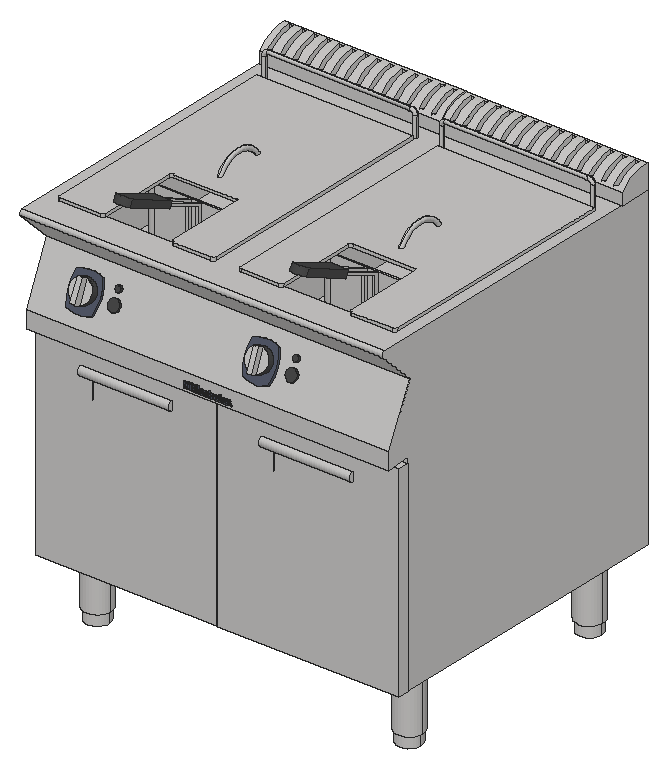
Revit family "QF_ELECTROLUXPROFESSIONAL_371069_E7FRGH2BF0", category Specialty Equipment, Revit 2018
Family settings
  Round Connector Dimension = Use Diameter
  Part Type = Normal
  Work Plane-Based = No
  Always vertical = Yes
  Cut with Voids When Loaded = No
  Shared = No
  Room Calculation Point = No
Parameters
  Width = 800 mm  # constant formula
  Weight in Pounds = 110  # constant formula
  Watts = 0 W
  URL Cutsheet = "www.electrolux.com/foodservice"
  URL = "www.electrolux.com/foodservice"
  Type Mark [instance] = ""
  Status [instance] = ""
  Specification by User [instance] = ""
  Specification by Manufacturer = ""
  Show Logo [instance] = yes
  Show Clearance [instance] = yes
  Serial Number = ""
  Seismic Rating = ""
  SMACNA No = ""
  Revision Code [instance] = ""
  Omniclass Number and Title = ""
  NAFEM Spec ID Number = ""
  Model = "371069"
  Mechanical Remarks [instance] = ""
  Mechanical Connection Type [instance] = ""
  Masterspec = ""
  Manufacturer = "ELECTROLUX"
  Item Number [instance] = ""
  Installed By [instance] = ""
  Identify Quantity as Lot [instance] = yes
  Height = 333 mm  # constant formula
  HP = "0 HP"
  Gas Size = 12.7 mm  # 1/2"
  Gas RI Height [instance] = 0 mm
  Gas KW [instance] = 14  # constant formula
  Gas Input [instance] = 13987.1 VA  # 47726.0 Btu/h
  Gas Connection Height = 0 mm
  Furnished By [instance] = ""
  Foodservice Equipment Identifier [instance] = yes
  Direct Waste Size = 0"
  Description = "700XP Two 7 Lt. Wells Freestanding Gas Fryer - LPG/Natural Gas"
  Depth = 730 mm  # constant formula
  CSI MasterFormat = ""
  CSI Master Format = ""
  Base Height [instance] = 150 mm  # constant formula
Reference planes
  plane 1 "BACK": y = 0
  plane 2: z = 0
  plane 3 "LEFT": x = 0
  plane 4 "RIGHT": x = 800
  plane 5 "FRONT": y = -730
  plane 6 "TOP": z = 905.238
  plane 7 "Center Y": x = 400
  plane 8 "Center X": y = -365
  plane 9 "BASE": z = 601
  plane 10 "TOP A": z = 850.238
  plane 11: y = -597.884
  plane 12: y = -147.637
  plane 13: z = 942.313
  plane 14: z = 150
Forms (mm)
  Extrusion 1, solid, material "QF_Finishes_Stainless Steel"
    sketch origin (0, 0, 0) x (0, 1, 0) y (0, 0, 1)
      loop
        line (0, 850.237) -> (-725.027, 850.237)
        arc (-725.027, 850.237) -> (-730.893, 846.318) -> (-729.517, 839.397) r 6.35
        line (-729.517, 839.397) -> (-657.416, 767.047) -> (-713.522, 646.19) -> (-713.522, 608.09) -> (-660.4, 613.7) -> (-660.4, 150) -> (0, 150) -> (0, 850.237)
      loop
        line (-661.987, 601) -> (-687.387, 601) -> (-687.387, 150) -> (-661.987, 150) -> (-661.987, 601)
    from 0 to 800
  Extrusion 2, solid, material "QF_Finishes_Stainless Steel"
    sketch origin (0, 0, 0) x (0, 1, 0) y (0, 0, 1)
      loop
        line (0, 850.237) -> (0, 905.237)
        arc (0, 905.237) -> (-38.078, 897.879) -> (-69.85, 875.637) r 93.057
        line (-69.85, 875.637) -> (-69.85, 850.237) -> (0, 850.237)
    from 0 to 800
  Extrusion 3, void
    sketch origin (0, 0, 850.238) x (-1, 0, 0) y (0, -1, 0)
      loop
        line (-33.338, 147.762) -> (-33.338, 655.762) -> (-373.012, 655.762) -> (-373.012, 147.762) -> (-33.338, 147.762)
      loop
        line (-766.662, 655.762) -> (-766.662, 147.762) -> (-426.988, 147.762) -> (-426.988, 655.762) -> (-766.662, 655.762)
    from 0 to -152.4
  Extrusion 4, void
    sketch origin (0, 0, 850.238) x (-1, 0, 0) y (0, -1, 0)
      loop
        line (-13.453, 6.761) -> (-13.453, 63.911) -> (-22.749, 63.911) -> (-22.749, 6.761) -> (-13.453, 6.761)
    from 25.4 to 63.5
  Extrusion 5, solid, material "QF_Finishes_Navy Blue"
    sketch origin (-97.5, -713.522, 646.19) x (0, 0.421077, 0.907025) y (-1, 0, 0)
      loop
        arc (101.077, -565.788) -> (66.2, -558.771) -> (31.333, -565.832) r 89.894
        arc (31.333, -565.832) -> (24.638, -594.363) -> (31.333, -622.893) r 64.14
        arc (31.333, -622.893) -> (66.2, -629.955) -> (101.077, -622.938) r 89.894
        arc (101.077, -622.938) -> (107.792, -594.363) -> (101.077, -565.788) r 64.16
      loop
        arc (101.077, -177.065) -> (66.2, -170.048) -> (31.333, -177.11) r 89.894
        arc (31.333, -177.11) -> (24.638, -205.64) -> (31.333, -234.171) r 64.14
        arc (31.333, -234.171) -> (66.2, -241.236) -> (101.077, -234.215) r 89.853
        arc (101.077, -234.215) -> (107.792, -205.64) -> (101.077, -177.065) r 64.16
    from 0 to 3.175
  Extrusion 6, solid, material "QF_Finishes_Stainless Steel"
    sketch origin (-97.5, -716.402, 647.527) x (0, 0.421077, 0.907025) y (-1, 0, 0)
      loop
        circle (68.826, -594.351) r 25.4
      loop
        circle (68.826, -205.413) r 25.4
    from 0 to 12.7
  Extrusion 7, solid, material "QF_Finishes_Stainless Steel"
    sketch origin (-97.5, -727.921, 652.875) x (0, 0.421077, 0.907025) y (-1, 0, 0)
      loop
        arc (93.558, -600.137) -> (94.226, -594.351) -> (93.558, -588.564) r 25.4
        line (93.558, -588.564) -> (44.094, -588.564)
        arc (44.094, -588.564) -> (43.426, -594.351) -> (44.094, -600.137) r 25.4
        line (44.094, -600.137) -> (93.558, -600.137)
      loop
        arc (93.558, -211.199) -> (94.226, -205.413) -> (93.558, -199.627) r 25.4
        line (93.558, -199.627) -> (44.094, -199.627)
        arc (44.094, -199.627) -> (43.426, -205.413) -> (44.094, -211.199) r 25.4
        line (44.094, -211.199) -> (93.558, -211.199)
    from 0 to 12.7
  Extrusion 8, solid, material "QF_Finishes_Black"
    sketch origin (35, -713.522, 646.19) x (0, 0.421077, 0.907025) y (-1, 0, 0)
      loop
        circle (93.566, -530.485) r 6.35
      loop
        circle (93.566, -138.473) r 6.35
    from 0 to 3.175
  Extrusion 9, solid, material "QF_Finishes_Black"
    sketch origin (35, -708.259, 657.528) x (0, 0.421077, 0.907025) y (-1, 0, 0)
      loop
        circle (50.809, -530.485) r 12.7
      loop
        circle (50.809, -138.473) r 12.7
    from 0 to 3.175
  Extrusion 10, solid, material "QF_Finishes_Clearance", visible <- "Show Clearance", detail levels coarse
    sketch origin (0, 0, 0) x (1, 0, 0) y (0, 1, 0)
      loop
        line (0, -731.377) -> (0, 0) -> (800, 0) -> (800, -731.377) -> (950.019, -731.377) -> (950.019, 150.019) -> (-150.019, 150.019) -> (-150.019, -731.377) -> (0, -731.377)
    from 0 to 905.237
  Extrusion 11, solid, material "QF_Finishes_Stainless Steel"
    sketch origin (-77.88, -4572, 850.238) x (-1, 0, 0) y (0, -1, 0)
      loop
        arc (-104.867, -3916.238) -> (-106.727, -3911.748) -> (-111.217, -3909.888) r 6.35
        line (-111.217, -3909.888) -> (-200.117, -3909.888)
        arc (-200.117, -3909.888) -> (-204.607, -3911.748) -> (-206.467, -3916.238) r 6.35
        line (-206.467, -3916.238) -> (-206.467, -4090.988)
        arc (-206.467, -4090.988) -> (-208.327, -4095.479) -> (-212.817, -4097.338) r 6.35
        line (-212.817, -4097.338) -> (-349.292, -4097.338)
        arc (-349.292, -4097.338) -> (-353.782, -4095.479) -> (-355.642, -4090.988) r 6.35
        line (-355.642, -4090.988) -> (-355.642, -3916.238)
        arc (-355.642, -3916.238) -> (-357.502, -3911.748) -> (-361.992, -3909.888) r 6.35
        line (-361.992, -3909.888) -> (-444.542, -3909.888)
        arc (-444.542, -3909.888) -> (-449.032, -3911.748) -> (-450.892, -3916.238) r 6.35
        line (-450.892, -3916.238) -> (-450.892, -4459.163) -> (-104.867, -4459.163) -> (-104.867, -3916.238)
      loop
        line (-850.892, -3916.238) -> (-850.892, -4459.163) -> (-504.867, -4459.163) -> (-504.867, -3916.238)
        arc (-504.867, -3916.238) -> (-506.727, -3911.748) -> (-511.217, -3909.888) r 6.35
        line (-511.217, -3909.888) -> (-593.767, -3909.888)
        arc (-593.767, -3909.888) -> (-598.257, -3911.748) -> (-600.117, -3916.238) r 6.35
        line (-600.117, -3916.238) -> (-600.117, -4090.988)
        arc (-600.117, -4090.988) -> (-601.977, -4095.479) -> (-606.467, -4097.338) r 6.35
        line (-606.467, -4097.338) -> (-742.942, -4097.338)
        arc (-742.942, -4097.338) -> (-747.432, -4095.479) -> (-749.292, -4090.988) r 6.35
        line (-749.292, -4090.988) -> (-749.292, -3916.238)
        arc (-749.292, -3916.238) -> (-751.152, -3911.748) -> (-755.642, -3909.888) r 6.35
        line (-755.642, -3909.888) -> (-844.542, -3909.888)
        arc (-844.542, -3909.888) -> (-849.032, -3911.748) -> (-850.892, -3916.238) r 6.35
    from 0 to 6.35
  Sweep 12, solid, material "QF_Finishes_Stainless Steel"
    path origin (0, 36.513, 0) x (1, 0, 0) y (0, 0, 1)
      loop
        line (39.688, 850.238) -> (39.688, 895.713)
        arc (39.688, 895.713) -> (41.547, 900.203) -> (46.038, 902.063) r 6.35
        line (46.038, 902.063) -> (362.669, 902.063)
        arc (362.669, 902.063) -> (367.16, 900.203) -> (369.019, 895.713) r 6.35
        line (369.019, 895.713) -> (369.019, 850.237)
    profile origin (39.688, 36.513, 872.975) x (-1, 0, 0) y (0, -1, 0)
      loop
        circle (2.09, 140.754) r 3.827
  Extrusion 13, solid, material "QF_Finishes_Black"
    sketch origin (271.462, -708.83, 942.26) x (0, 0.906308, -0.422618) y (-1, 0, 0)
      loop
        line (10.103, 47.37) -> (128.716, 47.37) -> (128.716, 84.605) -> (10.103, 84.605)
        arc (10.103, 84.605) -> (-0.124, 65.987) -> (10.103, 47.37) r 22.059
    from -15.884 to 0
  Extrusion 14, solid, material "QF_Finishes_Stainless Steel"
    sketch origin (271.463, 41.275, 0) x (0, 1, 0) y (0, 0, 1)
      loop
        line (-547.91, 741.238) -> (-547.91, 842.715) -> (-635.463, 883.542) -> (-638.147, 877.787) -> (-554.26, 838.67) -> (-554.26, 741.238) -> (-547.91, 741.238)
    from -80.476 to -74.619
  Extrusion 15, solid, material "QF_Finishes_Stainless Steel"
    sketch origin (139.588, 41.275, 0) x (0, 1, 0) y (0, 0, -1)
      loop
        line (-554.26, -838.67) -> (-638.147, -877.787) -> (-635.463, -883.542) -> (-547.91, -842.715) -> (-547.91, -741.238) -> (-554.26, -741.238) -> (-554.26, -838.67)
    from -80.476 to -74.619
  Sweep 16, solid, material "QF_Finishes_Stainless Steel"
    path origin (200.025, -0.124, 0) x (0, 1, 0) y (0, 0, 1)
      loop
        arc (-323.261, 850.238) -> (-377.7, 884.016) -> (-432.139, 850.238) r 60.757
    profile origin (200.025, -377.824, 884.016) x (0, 0, -1) y (1, 0, 0)
      loop
        circle (0, 0) r 4.353
  Sweep 17, solid, material "QF_Finishes_Stainless Steel"
    path origin (600.075, -0.124, 0) x (0, 1, 0) y (0, 0, -1)
      loop
        arc (-323.261, -850.238) -> (-377.7, -884.016) -> (-432.139, -850.238) r 60.757
    profile origin (600.075, -377.824, 884.016) x (0, 0, 1) y (-1, 0, 0)
      loop
        circle (0, 0) r 4.353
  Extrusion 18, solid, material "QF_Finishes_Black"
    sketch origin (528.637, -708.83, 942.26) x (0, 0.906308, -0.422618) y (-1, 0, 0)
      loop
        arc (10.103, -47.27) -> (-0.124, -65.887) -> (10.103, -84.505) r 22.059
        line (10.103, -84.505) -> (128.716, -84.505) -> (128.716, -47.27) -> (10.103, -47.27)
    from -15.884 to 0
  Extrusion 19, solid, material "QF_Finishes_Mesh"
    sketch origin (0, 0, 850.238) x (-1, 0, 0) y (0, -1, 0)
      loop
        arc (-116.625, 189.135) -> (-98.665, 196.575) -> (-91.225, 214.535) r 25.4
        line (-91.225, 214.535) -> (-91.225, 481.11)
        arc (-91.225, 481.11) -> (-98.665, 499.071) -> (-116.625, 506.51) r 25.4
        line (-116.625, 506.51) -> (-294.375, 506.51)
        arc (-294.375, 506.51) -> (-312.336, 499.071) -> (-319.775, 481.11) r 25.4
        line (-319.775, 481.11) -> (-319.775, 214.535)
        arc (-319.775, 214.535) -> (-312.336, 196.575) -> (-294.375, 189.135) r 25.4
        line (-294.375, 189.135) -> (-116.625, 189.135)
      loop
        arc (-116.625, 192.31) -> (-100.91, 198.82) -> (-94.4, 214.535) r 22.225
        line (-94.4, 214.535) -> (-94.4, 481.11)
        arc (-94.4, 481.11) -> (-100.91, 496.826) -> (-116.625, 503.335) r 22.225
        line (-116.625, 503.335) -> (-294.375, 503.335)
        arc (-294.375, 503.335) -> (-310.091, 496.826) -> (-316.6, 481.11) r 22.225
        line (-316.6, 481.11) -> (-316.6, 214.535)
        arc (-316.6, 214.535) -> (-310.091, 198.82) -> (-294.375, 192.31) r 22.225
        line (-294.375, 192.31) -> (-116.625, 192.31)
      loop
        line (-683.375, 189.135) -> (-505.625, 189.135)
        arc (-505.625, 189.135) -> (-487.664, 196.575) -> (-480.225, 214.535) r 25.4
        line (-480.225, 214.535) -> (-480.225, 481.11)
        arc (-480.225, 481.11) -> (-487.664, 499.071) -> (-505.625, 506.51) r 25.4
        line (-505.625, 506.51) -> (-683.375, 506.51)
        arc (-683.375, 506.51) -> (-701.335, 499.071) -> (-708.775, 481.11) r 25.4
        line (-708.775, 481.11) -> (-708.775, 214.535)
        arc (-708.775, 214.535) -> (-701.335, 196.575) -> (-683.375, 189.135) r 25.4
      loop
        line (-683.375, 192.31) -> (-505.625, 192.31)
        arc (-505.625, 192.31) -> (-489.909, 198.82) -> (-483.4, 214.535) r 22.225
        line (-483.4, 214.535) -> (-483.4, 481.11)
        arc (-483.4, 481.11) -> (-489.909, 496.826) -> (-505.625, 503.335) r 22.225
        line (-505.625, 503.335) -> (-683.375, 503.335)
        arc (-683.375, 503.335) -> (-699.09, 496.826) -> (-705.6, 481.11) r 22.225
        line (-705.6, 481.11) -> (-705.6, 214.535)
        arc (-705.6, 214.535) -> (-699.09, 198.82) -> (-683.375, 192.31) r 22.225
    from -109 to -5.315
  Extrusion 20, solid, material "QF_Finishes_Stainless Steel"
    sketch origin (528.637, 41.275, 0) x (0, 1, 0) y (0, 0, -1)
      loop
        line (-547.91, -741.238) -> (-554.26, -741.238) -> (-554.26, -838.67) -> (-638.147, -877.787) -> (-635.463, -883.542) -> (-547.91, -842.715) -> (-547.91, -741.238)
    from -80.476 to -74.619
  Extrusion 21, solid, material "QF_Finishes_Stainless Steel"
    sketch origin (660.512, 41.275, 0) x (0, 1, 0) y (0, 0, 1)
      loop
        line (-554.26, 838.67) -> (-554.26, 741.238) -> (-547.91, 741.238) -> (-547.91, 842.715) -> (-635.463, 883.542) -> (-638.147, 877.787) -> (-554.26, 838.67)
    from -80.476 to -74.619
  Sweep 22, solid, material "QF_Finishes_Stainless Steel"
    path origin (800.1, 36.513, 0) x (-1, 0, 0) y (0, 0, -1)
      loop
        line (39.788, -850.238) -> (39.788, -895.713)
        arc (39.788, -895.713) -> (41.647, -900.203) -> (46.138, -902.063) r 6.35
        line (46.138, -902.063) -> (362.769, -902.063)
        arc (362.769, -902.063) -> (367.26, -900.203) -> (369.119, -895.713) r 6.35
        line (369.119, -895.713) -> (369.119, -850.237)
    profile origin (760.312, 36.513, 872.975) x (-1, 0, 0) y (0, -1, 0)
      loop
        circle (-2.09, 140.754) r 3.827
  Extrusion 23, void
    sketch origin (361.95, 0, 850.237) x (-1, 0, 0) y (0, -1, 0)
      loop
        line (-13.403, 6.761) -> (-13.403, 63.911) -> (-22.699, 63.911) -> (-22.699, 6.761) -> (-13.403, 6.761)
    from 25.4 to 63.5
  Extrusion 24, void
    sketch origin (27.842, 0, 850.238) x (-1, 0, 0) y (0, -1, 0)
      loop
        line (-13.453, 6.761) -> (-13.453, 63.911) -> (-22.749, 63.911) -> (-22.749, 6.761) -> (-13.453, 6.761)
    from 25.4 to 63.5
  Extrusion 25, void
    sketch origin (55.685, 0, 850.238) x (-1, 0, 0) y (0, -1, 0)
      loop
        line (-13.453, 6.761) -> (-13.453, 63.911) -> (-22.749, 63.911) -> (-22.749, 6.761) -> (-13.453, 6.761)
    from 25.4 to 63.5
  Extrusion 26, void
    sketch origin (83.527, 0, 850.238) x (-1, 0, 0) y (0, -1, 0)
      loop
        line (-13.453, 6.761) -> (-13.453, 63.911) -> (-22.749, 63.911) -> (-22.749, 6.761) -> (-13.453, 6.761)
    from 25.4 to 63.5
  Extrusion 27, void
    sketch origin (111.369, 0, 850.237) x (-1, 0, 0) y (0, -1, 0)
      loop
        line (-13.453, 6.761) -> (-13.453, 63.911) -> (-22.749, 63.911) -> (-22.749, 6.761) -> (-13.453, 6.761)
    from 25.4 to 63.5
  Extrusion 28, void
    sketch origin (139.212, 0, 850.237) x (-1, 0, 0) y (0, -1, 0)
      loop
        line (-13.453, 6.761) -> (-13.453, 63.911) -> (-22.749, 63.911) -> (-22.749, 6.761) -> (-13.453, 6.761)
    from 25.4 to 63.5
  Extrusion 29, void
    sketch origin (167.054, 0, 850.237) x (-1, 0, 0) y (0, -1, 0)
      loop
        line (-13.453, 6.761) -> (-13.453, 63.911) -> (-22.749, 63.911) -> (-22.749, 6.761) -> (-13.453, 6.761)
    from 25.4 to 63.5
  Extrusion 30, void
    sketch origin (194.896, 0, 850.237) x (-1, 0, 0) y (0, -1, 0)
      loop
        line (-13.403, 6.761) -> (-13.403, 63.911) -> (-22.699, 63.911) -> (-22.699, 6.761) -> (-13.403, 6.761)
    from 25.4 to 63.5
  Extrusion 31, void
    sketch origin (222.738, 0, 850.237) x (-1, 0, 0) y (0, -1, 0)
      loop
        line (-13.403, 6.761) -> (-13.403, 63.911) -> (-22.699, 63.911) -> (-22.699, 6.761) -> (-13.403, 6.761)
    from 25.4 to 63.5
  Extrusion 32, void
    sketch origin (250.581, 0, 850.237) x (-1, 0, 0) y (0, -1, 0)
      loop
        line (-13.403, 6.761) -> (-13.403, 63.911) -> (-22.699, 63.911) -> (-22.699, 6.761) -> (-13.403, 6.761)
    from 25.4 to 63.5
  Extrusion 33, void
    sketch origin (278.423, 0, 850.237) x (-1, 0, 0) y (0, -1, 0)
      loop
        line (-13.403, 6.761) -> (-13.403, 63.911) -> (-22.699, 63.911) -> (-22.699, 6.761) -> (-13.403, 6.761)
    from 25.4 to 63.5
  Extrusion 34, void
    sketch origin (306.265, 0, 850.237) x (-1, 0, 0) y (0, -1, 0)
      loop
        line (-13.403, 6.761) -> (-13.403, 63.911) -> (-22.699, 63.911) -> (-22.699, 6.761) -> (-13.403, 6.761)
    from 25.4 to 63.5
  Extrusion 35, void
    sketch origin (334.108, 0, 850.237) x (-1, 0, 0) y (0, -1, 0)
      loop
        line (-13.403, 6.761) -> (-13.403, 63.911) -> (-22.699, 63.911) -> (-22.699, 6.761) -> (-13.403, 6.761)
    from 25.4 to 63.5
  Extrusion 36, void
    sketch origin (800.1, 0, 850.237) x (1, 0, 0) y (0, 1, 0)
      loop
        line (-13.553, -6.761) -> (-22.849, -6.761) -> (-22.849, -63.911) -> (-13.553, -63.911) -> (-13.553, -6.761)
    from 25.4 to 63.5
  Extrusion 37, void
    sketch origin (438.15, 0, 850.237) x (1, 0, 0) y (0, 1, 0)
      loop
        line (-13.503, -6.761) -> (-22.799, -6.761) -> (-22.799, -63.911) -> (-13.503, -63.911) -> (-13.503, -6.761)
    from 25.4 to 63.5
  Extrusion 38, void
    sketch origin (772.258, 0, 850.237) x (1, 0, 0) y (0, 1, 0)
      loop
        line (-13.553, -6.761) -> (-22.849, -6.761) -> (-22.849, -63.911) -> (-13.553, -63.911) -> (-13.553, -6.761)
    from 25.4 to 63.5
  Extrusion 39, void
    sketch origin (744.415, 0, 850.237) x (1, 0, 0) y (0, 1, 0)
      loop
        line (-13.553, -6.761) -> (-22.849, -6.761) -> (-22.849, -63.911) -> (-13.553, -63.911) -> (-13.553, -6.761)
    from 25.4 to 63.5
  Extrusion 40, void
    sketch origin (716.573, 0, 850.237) x (1, 0, 0) y (0, 1, 0)
      loop
        line (-13.553, -6.761) -> (-22.849, -6.761) -> (-22.849, -63.911) -> (-13.553, -63.911) -> (-13.553, -6.761)
    from 25.4 to 63.5
  Extrusion 41, void
    sketch origin (688.731, 0, 850.237) x (1, 0, 0) y (0, 1, 0)
      loop
        line (-13.553, -6.761) -> (-22.849, -6.761) -> (-22.849, -63.911) -> (-13.553, -63.911) -> (-13.553, -6.761)
    from 25.4 to 63.5
  Extrusion 42, void
    sketch origin (660.888, 0, 850.237) x (1, 0, 0) y (0, 1, 0)
      loop
        line (-13.553, -6.761) -> (-22.849, -6.761) -> (-22.849, -63.911) -> (-13.553, -63.911) -> (-13.553, -6.761)
    from 25.4 to 63.5
  Extrusion 43, void
    sketch origin (633.046, 0, 850.237) x (1, 0, 0) y (0, 1, 0)
      loop
        line (-13.553, -6.761) -> (-22.849, -6.761) -> (-22.849, -63.911) -> (-13.553, -63.911) -> (-13.553, -6.761)
    from 25.4 to 63.5
  Extrusion 44, void
    sketch origin (605.204, 0, 850.237) x (1, 0, 0) y (0, 1, 0)
      loop
        line (-13.503, -6.761) -> (-22.799, -6.761) -> (-22.799, -63.911) -> (-13.503, -63.911) -> (-13.503, -6.761)
    from 25.4 to 63.5
  Extrusion 45, void
    sketch origin (577.362, 0, 850.237) x (1, 0, 0) y (0, 1, 0)
      loop
        line (-13.503, -6.761) -> (-22.799, -6.761) -> (-22.799, -63.911) -> (-13.503, -63.911) -> (-13.503, -6.761)
    from 25.4 to 63.5
  Extrusion 46, void
    sketch origin (549.519, 0, 850.237) x (1, 0, 0) y (0, 1, 0)
      loop
        line (-13.503, -6.761) -> (-22.799, -6.761) -> (-22.799, -63.911) -> (-13.503, -63.911) -> (-13.503, -6.761)
    from 25.4 to 63.5
  Extrusion 47, void
    sketch origin (521.677, 0, 850.237) x (1, 0, 0) y (0, 1, 0)
      loop
        line (-13.503, -6.761) -> (-22.799, -6.761) -> (-22.799, -63.911) -> (-13.503, -63.911) -> (-13.503, -6.761)
    from 25.4 to 63.5
  Extrusion 48, void
    sketch origin (493.835, 0, 850.237) x (1, 0, 0) y (0, 1, 0)
      loop
        line (-13.503, -6.761) -> (-22.799, -6.761) -> (-22.799, -63.911) -> (-13.503, -63.911) -> (-13.503, -6.761)
    from 25.4 to 63.5
  Extrusion 49, void
    sketch origin (465.992, 0, 850.237) x (1, 0, 0) y (0, 1, 0)
      loop
        line (-13.503, -6.761) -> (-22.799, -6.761) -> (-22.799, -63.911) -> (-13.503, -63.911) -> (-13.503, -6.761)
    from 25.4 to 63.5
  Extrusion 50, void
    sketch origin (418.151, 0, 850.237) x (1, 0, 0) y (0, 1, 0)
      loop
        line (-16.563, 0) -> (-19.738, 0) -> (-19.738, -69.85) -> (-16.563, -69.85) -> (-16.563, 0)
    from 25.4 to 63.5
  Extrusion 51, void
    sketch origin (0, -660.4, 601) x (0, 0, 1) y (-1, 0, 0)
      loop
        line (0, -398.363) -> (-451, -398.363) -> (-451, -401.538) -> (0, -401.538) -> (0, -398.363)
    from 0 to 27
  Extrusion 52, void
    sketch origin (200.025, 0, 0) x (0, 1, 0) y (0, 0, 1)
      loop
        line (-687.137, 541) -> (-687.137, 499.788) -> (-672.137, 541) -> (-687.137, 541)
    from -75 to 75
  Extrusion 53, solid, material "QF_Finishes_Stainless Steel"
    sketch origin (200.025, 0, 0) x (0, 1, 0) y (0, 0, 1)
      loop
        line (-687.137, 541) -> (-687.137, 561)
        arc (-687.137, 561) -> (-697.137, 551) -> (-687.137, 541) r 10
    from -100 to 100
  Extrusion 54, void
    sketch origin (600.075, 0, 0) x (0, 1, 0) y (0, 0, -1)
      loop
        line (-687.137, -541) -> (-672.137, -541) -> (-687.137, -499.788) -> (-687.137, -541)
    from -75 to 75
  Extrusion 55, solid, material "QF_Finishes_Stainless Steel"
    sketch origin (600.075, 0, 0) x (0, 1, 0) y (0, 0, -1)
      loop
        arc (-687.137, -541) -> (-697.137, -551) -> (-687.137, -561) r 10
        line (-687.137, -561) -> (-687.137, -541)
    from -100 to 100
  Revolve 56, solid, material "QF_Finishes_Stainless Steel"
    sketch origin (0, -587.387, 608.09) x (0, 0, 1) y (-1, 0, 0)
      loop
        line (-608.09, -56) -> (-458.09, -56) -> (-458.09, -26) -> (-583.09, -26) -> (-583.09, -29.75) -> (-608.09, -29.75) -> (-608.09, -56)
      axis (-608.09, -56) -> (-458.09, -56)
    angle from 0 to 360
  Revolve 57, solid, material "QF_Finishes_Stainless Steel"
    sketch origin (0, -90, 608.09) x (0, 0, 1) y (-1, 0, 0)
      loop
        line (-608.09, -56) -> (-458.09, -56) -> (-458.09, -26) -> (-583.09, -26) -> (-583.09, -29.75) -> (-608.09, -29.75) -> (-608.09, -56)
      axis (-608.09, -56) -> (-458.09, -56)
    angle from 0 to 360
  Revolve 58, solid, material "QF_Finishes_Stainless Steel"
    sketch origin (800.1, -587.387, 608.09) x (0, 0, 1) y (-1, 0, 0)
      loop
        line (-608.09, 56.1) -> (-608.09, 29.85) -> (-583.09, 29.85) -> (-583.09, 26.1) -> (-458.09, 26.1) -> (-458.09, 56.1) -> (-608.09, 56.1)
      axis (-608.09, 56.1) -> (-458.09, 56.1)
    angle from 0 to 360
  Revolve 59, solid, material "QF_Finishes_Stainless Steel"
    sketch origin (800.1, -90, 608.09) x (0, 0, 1) y (-1, 0, 0)
      loop
        line (-608.09, 56.1) -> (-608.09, 29.85) -> (-583.09, 29.85) -> (-583.09, 26.1) -> (-458.09, 26.1) -> (-458.09, 56.1) -> (-608.09, 56.1)
      axis (-608.09, 56.1) -> (-458.09, 56.1)
    angle from 0 to 360
  Extrusion 60, solid, material "QF_Finishes_Door Clearance", visible <- "Show Clearance", detail levels coarse
    sketch origin (0, 0, 850.238) x (-1, 0, 0) y (0, -1, 0)
      loop
        arc (-401.587, 687.137) -> (-518.28, 968.858) -> (-800, 1085.55) r 398.413
        line (-800, 1085.55) -> (-800, 687.137) -> (-401.587, 687.137)
      loop
        line (-398.412, 687.138) -> (0, 687.137) -> (0, 1085.55)
        arc (0, 1085.55) -> (-281.72, 968.858) -> (-398.412, 687.138) r 398.412
    from -700.237 to -249.237
  Extrusion 61, solid, material "QF_Finishes_Stainless Steel"
    sketch origin (-77.88, -4572, 150) x (-1, 0, 0) y (0, -1, 0)
      loop
        circle (-821.88, -4067) r 6.35
    from 0 to -12.7
  Extrusion 62, solid, material "QF_Finishes_Navy Blue", visible <- "Show Logo"
    sketch origin (60.791, -713.772, 608.09) x (0, 0, 1) y (-1, 0, 0)
      loop
        line (20.674, -296.698) -> (8.307, -296.698)
        arc (8.307, -296.698) -> (14.491, -301.27) -> (20.674, -296.698) r 6.467
      loop
        arc (20.674, -296.069) -> (19.505, -290.926) -> (14.849, -288.448) r 6.338
        line (14.849, -288.448) -> (14.849, -290.494)
        arc (14.849, -290.494) -> (16.333, -294.149) -> (19.778, -296.069) r 5.941
        line (19.778, -296.069) -> (20.674, -296.069)
      loop
        arc (9.203, -296.069) -> (12.648, -294.149) -> (14.132, -290.494) r 5.941
        line (14.132, -290.494) -> (14.132, -288.448)
        arc (14.132, -288.448) -> (9.438, -290.922) -> (8.148, -296.069) r 6.504
        line (8.148, -296.069) -> (9.203, -296.069)
      loop
        line (21.349, -287.979) -> (7.604, -287.979) -> (7.604, -301.742) -> (21.349, -301.742) -> (21.349, -287.979)
      loop
        arc (21.432, -304.71) -> (21.085, -304.352) -> (20.718, -304.69) r 0.358
        arc (20.718, -304.69) -> (20.404, -305.44) -> (19.687, -305.825) r 1.216
        line (19.687, -305.825) -> (9.274, -305.825)
        arc (9.274, -305.825) -> (8.614, -305.548) -> (8.218, -304.951) r 1.238
        arc (8.218, -304.951) -> (7.823, -304.7) -> (7.518, -305.054) r 0.358
        line (7.518, -305.054) -> (7.518, -314.933) -> (10.269, -314.933) -> (10.269, -314.036)
        arc (10.269, -314.036) -> (9.36, -313.456) -> (8.904, -312.479) r 1.928
        line (8.904, -312.479) -> (8.904, -309.98)
        arc (8.904, -309.98) -> (9.18, -309.251) -> (9.868, -308.887) r 1.101
        line (9.868, -308.887) -> (13.955, -308.887) -> (13.955, -312.561)
        arc (13.955, -312.561) -> (13.602, -313.058) -> (13.037, -313.286) r 1.083
        arc (13.037, -313.286) -> (12.773, -313.591) -> (13.065, -313.869) r 0.292
        line (13.065, -313.869) -> (16.028, -313.869)
        arc (16.028, -313.869) -> (16.33, -313.596) -> (16.092, -313.266) r 0.305
        arc (16.092, -313.266) -> (15.601, -313.018) -> (15.296, -312.561) r 1.083
        line (15.296, -312.561) -> (15.296, -308.887) -> (19.973, -308.887) -> (19.973, -312.635)
        arc (19.973, -312.635) -> (19.759, -313.39) -> (19.153, -313.888) r 1.314
        arc (19.153, -313.888) -> (18.934, -314.292) -> (19.288, -314.585) r 0.361
        line (19.288, -314.585) -> (21.432, -314.585) -> (21.432, -304.71)
      loop
        arc (20.715, -315.365) -> (20.335, -316.284) -> (19.416, -316.664) r 1.299
        line (19.416, -316.664) -> (9.837, -316.664)
        arc (9.837, -316.664) -> (8.999, -316.286) -> (8.728, -315.408) r 1.118
        line (8.728, -315.408) -> (7.518, -315.408) -> (7.518, -320.758) -> (8.706, -320.758)
        arc (8.706, -320.758) -> (8.978, -319.841) -> (9.848, -319.445) r 1.153
        line (9.848, -319.445) -> (21.92, -319.445) -> (20.715, -315.365)
      loop
        line (12.483, -323.394) -> (12.483, -329.842) -> (13.282, -329.842)
        arc (13.282, -329.842) -> (15.862, -328.857) -> (17.131, -326.404) r 3.874
        line (17.131, -326.404) -> (17.131, -324.643)
        arc (17.131, -324.643) -> (15.944, -321.778) -> (13.08, -320.592) r 4.051
        line (13.08, -320.592) -> (11.072, -320.592)
        arc (11.072, -320.592) -> (8.253, -322.077) -> (7.202, -325.084) r 4.352
        arc (7.202, -325.084) -> (7.566, -327.547) -> (8.943, -329.621) r 5.713
        line (8.943, -329.621) -> (9.892, -329.621)
        arc (9.892, -329.621) -> (9.16, -328.052) -> (8.943, -326.334) r 5.579
        arc (8.943, -326.334) -> (9.737, -324.371) -> (11.616, -323.394) r 3.057
        line (11.616, -323.394) -> (12.483, -323.394)
      loop
        line (13.742, -323.394) -> (13.742, -326.977)
        arc (13.742, -326.977) -> (15.199, -327.024) -> (16.082, -325.864) r 1.59
        line (16.082, -325.864) -> (16.082, -325.034)
        arc (16.082, -325.034) -> (15.217, -323.779) -> (13.742, -323.394) r 2.184
      loop
        arc (16.533, -339.259) -> (17.022, -337.585) -> (17.179, -335.848) r 9.023
        line (17.179, -335.848) -> (17.179, -334.486)
        arc (17.179, -334.486) -> (16.02, -331.686) -> (13.22, -330.527) r 3.959
        line (13.22, -330.527) -> (10.62, -330.527)
        arc (10.62, -330.527) -> (8.338, -331.819) -> (7.221, -334.192) r 4.331
        line (7.221, -334.192) -> (7.221, -336.327)
        arc (7.221, -336.327) -> (7.729, -337.877) -> (8.651, -339.223) r 5.772
        arc (8.651, -339.223) -> (9.412, -339.274) -> (9.499, -338.515) r 0.553
        arc (9.499, -338.515) -> (9.111, -337.781) -> (8.977, -336.962) r 2.573
        line (8.977, -336.962) -> (8.977, -335.447)
        arc (8.977, -335.447) -> (9.983, -333.806) -> (11.798, -333.163) r 2.884
        line (11.798, -333.163) -> (13.077, -333.163)
        arc (13.077, -333.163) -> (14.898, -333.723) -> (15.824, -335.388) r 2.554
        line (15.824, -335.388) -> (15.824, -336.441)
        arc (15.824, -336.441) -> (15.493, -337.369) -> (14.836, -338.104) r 2.564
        arc (14.836, -338.104) -> (14.614, -338.821) -> (15.223, -339.259) r 0.643
        line (15.223, -339.259) -> (16.533, -339.259)
      loop
        line (15.515, -339.53) -> (15.515, -341.031) -> (9.467, -341.031)
        arc (9.467, -341.031) -> (7.879, -341.688) -> (7.221, -343.276) r 2.246
        line (7.221, -343.276) -> (7.221, -344.86)
        arc (7.221, -344.86) -> (7.535, -345.725) -> (8.035, -346.496) r 4.06
        arc (8.035, -346.496) -> (8.768, -346.629) -> (9.019, -345.928) r 0.576
        arc (9.019, -345.928) -> (8.913, -345.403) -> (8.977, -344.87) r 1.69
        arc (8.977, -344.87) -> (9.519, -344.082) -> (10.425, -343.779) r 1.506
        line (10.425, -343.779) -> (15.563, -343.779) -> (15.563, -346.176) -> (16.119, -346.733) -> (16.941, -346.733) -> (16.941, -343.873) -> (20.172, -343.873) -> (15.515, -339.53)
      loop
        line (7.438, -347.63) -> (7.438, -353.017) -> (8.548, -353.017)
        arc (8.548, -353.017) -> (8.942, -352.066) -> (9.893, -351.672) r 1.345
        line (9.893, -351.672) -> (13.509, -351.672)
        arc (13.509, -351.672) -> (14.274, -352.264) -> (14.564, -353.186) r 1.615
        line (14.564, -353.186) -> (14.564, -354.742) -> (17.119, -355.427) -> (17.119, -354.044) -> (15.177, -351.485) -> (17.057, -351.485) -> (16.773, -348.779)
        arc (16.773, -348.779) -> (16.333, -348.249) -> (15.674, -348.45) r 0.621
        arc (15.674, -348.45) -> (15.274, -348.792) -> (14.78, -348.975) r 1.501
        line (14.78, -348.975) -> (9.893, -348.975)
        arc (9.893, -348.975) -> (8.942, -348.581) -> (8.548, -347.63) r 1.345
        line (8.548, -347.63) -> (7.438, -347.63)
      loop
        line (13.54, -354.964) -> (10.848, -354.964)
        arc (10.848, -354.964) -> (8.403, -356.272) -> (7.269, -358.803) r 4.288
        arc (7.269, -358.803) -> (7.205, -360.183) -> (7.269, -361.563) r 15.022
        arc (7.269, -361.563) -> (8.403, -364.094) -> (10.848, -365.401) r 4.288
        line (10.848, -365.401) -> (13.54, -365.401)
        arc (13.54, -365.401) -> (15.986, -364.094) -> (17.119, -361.563) r 4.288
        arc (17.119, -361.563) -> (17.183, -360.183) -> (17.119, -358.803) r 15.022
        arc (17.119, -358.803) -> (15.986, -356.272) -> (13.54, -354.964) r 4.288
      loop
        line (13.745, -358.078) -> (10.643, -358.078)
        arc (10.643, -358.078) -> (8.486, -360.235) -> (10.643, -362.392) r 2.157
        line (10.643, -362.392) -> (13.745, -362.392)
        arc (13.745, -362.392) -> (15.902, -360.235) -> (13.745, -358.078) r 2.157
      loop
        arc (20.726, -365.26) -> (20.355, -366.154) -> (19.461, -366.524) r 1.264
        line (19.461, -366.524) -> (9.597, -366.524)
        arc (9.597, -366.524) -> (8.727, -366.127) -> (8.455, -365.211) r 1.153
        line (8.455, -365.211) -> (7.518, -365.211) -> (7.518, -370.319) -> (8.446, -370.319)
        arc (8.446, -370.319) -> (8.805, -369.547) -> (9.597, -369.232) r 1.153
        line (9.597, -369.232) -> (21.92, -369.232) -> (20.726, -365.26)
      loop
        arc (15.846, -369.857) -> (15.647, -370.921) -> (14.678, -371.403) r 1.215
        line (14.678, -371.403) -> (9.658, -371.403)
        arc (9.658, -371.403) -> (8.043, -372.051) -> (7.322, -373.634) r 2.338
        line (7.322, -373.634) -> (7.322, -375.148)
        arc (7.322, -375.148) -> (7.497, -376.152) -> (7.999, -377.038) r 2.979
        line (7.999, -377.038) -> (7.518, -378.835) -> (7.518, -380.524) -> (16.943, -380.524) -> (16.649, -376.32) -> (15.863, -376.32)
        arc (15.863, -376.32) -> (15.507, -377.156) -> (14.755, -377.665) r 1.605
        line (14.755, -377.665) -> (9.652, -377.665)
        arc (9.652, -377.665) -> (9.232, -376.728) -> (9.159, -375.704) r 2.94
        arc (9.159, -375.704) -> (9.72, -374.603) -> (10.873, -374.16) r 1.724
        line (10.873, -374.16) -> (17.07, -374.16) -> (15.846, -369.857)
      loop
        line (16.874, -381.377) -> (15.202, -383.423) -> (12.028, -385.729) -> (8.572, -382.617)
        arc (8.572, -382.617) -> (8.335, -382.223) -> (8.357, -381.764) r 0.789
        line (8.357, -381.764) -> (7.518, -381.764) -> (7.518, -385.309) -> (8.344, -385.309)
        arc (8.344, -385.309) -> (8.686, -384.947) -> (9.176, -385.039) r 0.52
        line (9.176, -385.039) -> (10.976, -386.51) -> (8.858, -387.886)
        arc (8.858, -387.886) -> (8.457, -387.576) -> (8.37, -387.076) r 0.7
        line (8.37, -387.076) -> (7.518, -387.076) -> (7.518, -393.003) -> (8.405, -393.003)
        arc (8.405, -393.003) -> (8.472, -392.344) -> (8.866, -391.813) r 1.247
        line (8.866, -391.813) -> (13.066, -388.532) -> (15.513, -390.585) -> (16.874, -392.327) -> (16.874, -388.604) -> (15.389, -389.026) -> (13.868, -387.749) -> (15.568, -386.559) -> (16.874, -387.336) -> (16.874, -381.377)
    from 0 to 1.644
Cuts and joins
  Extrusion 3, Extrusion 4, Extrusion 51, Extrusion 52, Extrusion 54 cuts Extrusion 1
  Extrusion 4, Extrusion 23, Extrusion 24, Extrusion 25, Extrusion 26, Extrusion 27, Extrusion 28, Extrusion 29, Extrusion 30, Extrusion 31, Extrusion 32, Extrusion 33, Extrusion 34, Extrusion 35, Extrusion 36, Extrusion 37, Extrusion 38, Extrusion 39, Extrusion 40, Extrusion 41, Extrusion 42, Extrusion 43, Extrusion 44, Extrusion 45, Extrusion 46, Extrusion 47, Extrusion 48, Extrusion 49, Extrusion 50 cuts Extrusion 2
  joined: Extrusion 6, Extrusion 7
  joined: Extrusion 11, Sweep 16, Sweep 17
  Extrusion 23, Extrusion 24, Extrusion 25, Extrusion 26, Extrusion 27, Extrusion 28, Extrusion 29, Extrusion 30, Extrusion 31, Extrusion 32, Extrusion 33, Extrusion 34, Extrusion 35, Extrusion 36, Extrusion 37, Extrusion 38, Extrusion 39, Extrusion 40, Extrusion 41, Extrusion 42, Extrusion 43, Extrusion 44, Extrusion 45, Extrusion 46, Extrusion 47, Extrusion 48, Extrusion 49, Extrusion 50, Extrusion 52, Extrusion 54 cuts Extrusion 10
  Extrusion 52, Extrusion 54 cuts Extrusion 53
  Extrusion 54 cuts Extrusion 55
Lines and regions (mm)
  symbolic lines, style "QF-Clearances", visible <- "Show Clearance", detail levels coarse
    curve 1: line (-150.019, 150.019, 850.238) -> (-150.019, -731.377, 850.238)
    curve 2: line (950.019, 150.019, 850.237) -> (-150.019, 150.019, 850.238)
    curve 3: line (950.019, -731.377, 850.237) -> (950.019, 150.019, 850.237)
  symbolic lines
    curve 4: line (0, 0, 850.238) -> (800, 0, 850.237)
    curve 5: line (0, -730, 850.238) -> (0, 0, 850.238)
    curve 6: line (800, -730, 850.237) -> (0, -730, 850.238)
    curve 7: line (800, 0, 850.237) -> (800, -730, 850.237)
    curve 8: line (22.699, -6.761, 850.238) -> (22.699, -63.911, 850.238)
    curve 9: line (13.403, -63.911, 850.238) -> (13.403, -6.761, 850.238)
    curve 10: line (13.403, -6.761, 850.238) -> (22.699, -6.761, 850.238)
    curve 11: line (26.988, -112.837, 850.238) -> (26.988, -655.762, 850.238)
    curve 12: arc (26.988, -655.762, 850.238) -> (28.847, -660.252, 850.238) -> (33.338, -662.112, 850.238) r 6.35
    curve 13: line (33.338, -662.112, 850.238) -> (122.188, -662.112, 850.237)
    curve 14: arc (122.188, -662.112, 850.237) -> (126.678, -660.252, 850.237) -> (128.538, -655.762, 850.237) r 6.35
    curve 15: line (128.538, -655.762, 850.237) -> (128.538, -481.012, 850.237)
    curve 16: arc (128.537, -481.012, 850.237) -> (130.397, -476.521, 850.237) -> (134.887, -474.662, 850.237) r 6.35
    curve 17: line (134.887, -474.662, 850.237) -> (271.412, -474.662, 850.237)
    curve 18: arc (271.412, -474.662, 850.237) -> (275.903, -476.521, 850.237) -> (277.762, -481.012, 850.237) r 6.35
    curve 19: line (277.762, -481.012, 850.237) -> (277.762, -655.762, 850.237)
    curve 20: arc (277.762, -655.762, 850.237) -> (279.622, -660.252, 850.237) -> (284.112, -662.112, 850.237) r 6.35
    curve 21: line (284.112, -662.112, 850.237) -> (366.662, -662.112, 850.237)
    curve 22: arc (366.662, -662.112, 850.237) -> (371.153, -660.252, 850.237) -> (373.012, -655.762, 850.237) r 6.35
    curve 23: line (373.012, -655.762, 850.237) -> (373.012, -112.837, 850.237)
    curve 24: line (373.012, -112.837, 850.237) -> (26.988, -112.837, 850.238)
    curve 25: line (0, -69.85, 850.238) -> (398.413, -69.85, 850.237)
    curve 26: line (224.093, -706.386, 850.237) -> (224.093, -592.174, 850.237)
    curve 27: line (224.093, -592.174, 850.237) -> (186.858, -592.174, 850.237)
    curve 28: line (186.858, -592.174, 850.237) -> (186.858, -706.386, 850.237)
    curve 29: spline (224.093, -706.386, 850.237) -> (221.86, -709.048, 850.237) -> (219.17, -711.336, 850.237) -> (216.096, -713.185, 850.237) -> (212.725, -714.544, 850.237) -> (209.152, -715.375, 850.237) -> (205.475, -715.655, 850.237) -> (201.799, -715.375, 850.237) -> (198.225, -714.544, 850.237) -> (194.855, -713.185, 850.237) -> (191.781, -711.336, 850.237) -> (189.09, -709.048, 850.237) -> (186.858, -706.386, 850.237)
    curve 30: line (128.538, -655.762, 850.237) -> (186.858, -655.762, 850.237)
    curve 31: line (224.093, -655.762, 850.237) -> (277.762, -655.762, 850.237)
    curve 32: line (196.794, -506.51, 850.237) -> (196.794, -592.174, 850.237)
    curve 33: line (190.937, -592.174, 850.237) -> (190.937, -506.51, 850.237)
    curve 34: line (220.014, -506.51, 850.237) -> (220.014, -592.174, 850.237)
    curve 35: line (214.157, -592.174, 850.237) -> (214.157, -506.51, 850.237)
    curve 36: spline (186.858, -699.673, 850.237) -> (189.09, -702.336, 850.237) -> (191.781, -704.623, 850.237) -> (194.855, -706.473, 850.237) -> (198.225, -707.832, 850.237) -> (201.799, -708.663, 850.237) -> (205.475, -708.942, 850.237) -> (209.152, -708.663, 850.237) -> (212.725, -707.832, 850.237) -> (216.096, -706.473, 850.237) -> (219.17, -704.623, 850.237) -> (221.86, -702.336, 850.237) -> (224.093, -699.673, 850.237)
    curve 37: line (195.52, -428.432, 850.237) -> (195.52, -326.969, 850.237)
    curve 38: line (204.418, -326.969, 850.237) -> (204.418, -428.432, 850.237)
    curve 39: arc (195.52, -428.432, 850.237) -> (199.969, -432.882, 850.237) -> (204.418, -428.432, 850.237) r 4.449
    curve 40: arc (195.52, -326.969, 850.237) -> (199.969, -322.52, 850.237) -> (204.418, -326.969, 850.237) r 4.449
    curve 41: line (128.538, -503.335, 850.237) -> (277.762, -503.335, 850.237)
    curve 42: line (128.538, -506.51, 850.237) -> (277.762, -506.51, 850.237)
    curve 43: line (773.013, -112.837, 850.237) -> (773.013, -655.762, 850.237)
    curve 44: arc (773.013, -655.762, 850.237) -> (771.153, -660.252, 850.237) -> (766.663, -662.112, 850.237) r 6.35
    curve 45: line (766.663, -662.112, 850.237) -> (677.763, -662.112, 850.237)
    curve 46: arc (677.763, -662.112, 850.237) -> (673.272, -660.252, 850.237) -> (671.413, -655.762, 850.237) r 6.35
    curve 47: line (671.413, -655.762, 850.237) -> (671.413, -481.012, 850.237)
    curve 48: arc (671.413, -481.012, 850.237) -> (669.553, -476.521, 850.237) -> (665.063, -474.662, 850.237) r 6.35
    curve 49: line (665.063, -474.662, 850.237) -> (528.538, -474.662, 850.237)
    curve 50: arc (528.538, -474.662, 850.237) -> (524.047, -476.521, 850.237) -> (522.188, -481.012, 850.237) r 6.35
    curve 51: line (522.188, -481.012, 850.237) -> (522.188, -655.762, 850.237)
    curve 52: arc (522.188, -655.762, 850.237) -> (520.328, -660.252, 850.237) -> (515.838, -662.112, 850.237) r 6.35
    curve 53: line (515.838, -662.112, 850.237) -> (433.338, -662.112, 850.237)
    curve 54: arc (433.338, -662.112, 850.237) -> (428.847, -660.252, 850.237) -> (426.988, -655.762, 850.237) r 6.35
    curve 55: line (426.988, -655.762, 850.237) -> (426.988, -112.837, 850.237)
    curve 56: line (426.988, -112.837, 850.237) -> (773.013, -112.837, 850.237)
    curve 57: line (575.857, -706.386, 850.237) -> (575.857, -592.174, 850.237)
    curve 58: line (575.857, -592.174, 850.237) -> (613.092, -592.174, 850.237)
    curve 59: line (613.092, -592.174, 850.237) -> (613.092, -706.386, 850.237)
    curve 60: spline (575.857, -706.386, 850.237) -> (578.09, -709.048, 850.237) -> (580.78, -711.336, 850.237) -> (583.854, -713.185, 850.237) -> (587.225, -714.544, 850.237) -> (590.798, -715.375, 850.237) -> (594.475, -715.655, 850.237) -> (598.151, -715.375, 850.237) -> (601.725, -714.544, 850.237) -> (605.095, -713.185, 850.237) -> (608.169, -711.336, 850.237) -> (610.86, -709.048, 850.237) -> (613.092, -706.386, 850.237)
    curve 61: line (671.413, -655.762, 850.237) -> (613.092, -655.762, 850.237)
    curve 62: line (575.857, -655.762, 850.237) -> (522.188, -655.762, 850.237)
    curve 63: line (603.156, -506.51, 850.237) -> (603.156, -592.174, 850.237)
    curve 64: line (609.013, -592.174, 850.237) -> (609.013, -506.51, 850.237)
    curve 65: line (579.936, -506.51, 850.237) -> (579.936, -592.174, 850.237)
    curve 66: line (585.793, -592.174, 850.237) -> (585.793, -506.51, 850.237)
    curve 67: spline (613.092, -699.673, 850.237) -> (610.86, -702.336, 850.237) -> (608.169, -704.623, 850.237) -> (605.095, -706.473, 850.237) -> (601.725, -707.832, 850.237) -> (598.151, -708.663, 850.237) -> (594.475, -708.942, 850.237) -> (590.798, -708.663, 850.237) -> (587.225, -707.832, 850.237) -> (583.854, -706.473, 850.237) -> (580.78, -704.623, 850.237) -> (578.09, -702.336, 850.237) -> (575.857, -699.673, 850.237)
    curve 68: line (604.43, -428.432, 850.237) -> (604.43, -326.969, 850.237)
    curve 69: line (595.532, -326.969, 850.237) -> (595.532, -428.432, 850.237)
    curve 70: arc (604.43, -428.432, 850.237) -> (599.981, -432.882, 850.237) -> (595.532, -428.432, 850.237) r 4.449
    curve 71: arc (604.43, -326.969, 850.237) -> (599.981, -322.52, 850.237) -> (595.532, -326.969, 850.237) r 4.449
    curve 72: line (671.413, -503.335, 850.237) -> (522.188, -503.335, 850.237)
    curve 73: line (671.413, -506.51, 850.237) -> (522.188, -506.51, 850.237)
    curve 74: line (37.598, -100.414, 850.238) -> (371.109, -100.414, 850.237)
    curve 75: line (37.598, -108.069, 850.238) -> (37.598, -100.414, 850.238)
    curve 76: line (371.109, -108.069, 850.237) -> (37.598, -108.069, 850.238)
    curve 77: line (371.109, -100.414, 850.237) -> (371.109, -108.069, 850.237)
    curve 78: line (428.891, -100.414, 850.237) -> (762.402, -100.414, 850.237)
    curve 79: line (428.891, -108.069, 850.237) -> (428.891, -100.414, 850.237)
    curve 80: line (762.402, -108.069, 850.237) -> (428.891, -108.069, 850.237)
    curve 81: line (762.402, -100.414, 850.237) -> (762.402, -108.069, 850.237)
    curve 82: line (384.649, -6.761, 850.237) -> (384.649, -63.911, 850.237)
    curve 83: line (375.353, -63.911, 850.237) -> (375.353, -6.761, 850.237)
    curve 84: line (375.353, -6.761, 850.237) -> (384.649, -6.761, 850.237)
    curve 85: line (50.541, -6.761, 850.238) -> (50.541, -63.911, 850.238)
    curve 86: line (41.245, -63.911, 850.238) -> (41.245, -6.761, 850.238)
    curve 87: line (41.245, -6.761, 850.238) -> (50.541, -6.761, 850.238)
    curve 88: line (78.383, -6.761, 850.238) -> (78.383, -63.911, 850.238)
    curve 89: line (69.087, -63.911, 850.238) -> (69.087, -6.761, 850.238)
    curve 90: line (69.087, -6.761, 850.238) -> (78.383, -6.761, 850.238)
    curve 91: line (106.225, -6.761, 850.237) -> (106.225, -63.911, 850.237)
    curve 92: line (96.93, -63.911, 850.238) -> (96.93, -6.761, 850.238)
    curve 93: line (96.93, -6.761, 850.238) -> (106.225, -6.761, 850.237)
    curve 94: line (134.068, -6.761, 850.237) -> (134.068, -63.911, 850.237)
    curve 95: line (124.772, -63.911, 850.237) -> (124.772, -6.761, 850.237)
    curve 96: line (124.772, -6.761, 850.237) -> (134.068, -6.761, 850.237)
    curve 97: line (161.91, -6.761, 850.237) -> (161.91, -63.911, 850.237)
    curve 98: line (152.614, -63.911, 850.237) -> (152.614, -6.761, 850.237)
    curve 99: line (152.614, -6.761, 850.237) -> (161.91, -6.761, 850.237)
    curve 100: line (189.752, -6.761, 850.237) -> (189.752, -63.911, 850.237)
    curve 101: line (180.457, -63.911, 850.237) -> (180.457, -6.761, 850.237)
    curve 102: line (180.457, -6.761, 850.237) -> (189.752, -6.761, 850.237)
    curve 103: line (217.595, -6.761, 850.237) -> (217.595, -63.911, 850.237)
    curve 104: line (208.299, -63.911, 850.237) -> (208.299, -6.761, 850.237)
    curve 105: line (208.299, -6.761, 850.237) -> (217.595, -6.761, 850.237)
    curve 106: line (245.437, -6.761, 850.237) -> (245.437, -63.911, 850.237)
    curve 107: line (236.141, -63.911, 850.237) -> (236.141, -6.761, 850.237)
    curve 108: line (236.141, -6.761, 850.237) -> (245.437, -6.761, 850.237)
    curve 109: line (273.279, -6.761, 850.237) -> (273.279, -63.911, 850.237)
    curve 110: line (263.984, -63.911, 850.237) -> (263.984, -6.761, 850.237)
    curve 111: line (263.984, -6.761, 850.237) -> (273.279, -6.761, 850.237)
    curve 112: line (301.122, -6.761, 850.237) -> (301.122, -63.911, 850.237)
    curve 113: line (291.826, -63.911, 850.237) -> (291.826, -6.761, 850.237)
    curve 114: line (291.826, -6.761, 850.237) -> (301.122, -6.761, 850.237)
    curve 115: line (328.964, -6.761, 850.237) -> (328.964, -63.911, 850.237)
    curve 116: line (319.668, -63.911, 850.237) -> (319.668, -6.761, 850.237)
    curve 117: line (319.668, -6.761, 850.237) -> (328.964, -6.761, 850.237)
    curve 118: line (356.806, -6.761, 850.237) -> (356.806, -63.911, 850.237)
    curve 119: line (347.511, -63.911, 850.237) -> (347.511, -6.761, 850.237)
    curve 120: line (347.511, -6.761, 850.237) -> (356.806, -6.761, 850.237)
    curve 121: line (777.251, -6.761, 850.237) -> (777.251, -63.911, 850.237)
    curve 122: line (786.547, -63.911, 850.237) -> (786.547, -6.761, 850.237)
    curve 123: line (786.547, -6.761, 850.237) -> (777.251, -6.761, 850.237)
    curve 124: line (415.301, -6.761, 850.237) -> (415.301, -63.911, 850.237)
    curve 125: line (424.597, -63.911, 850.237) -> (424.597, -6.761, 850.237)
    curve 126: line (424.597, -6.761, 850.237) -> (415.301, -6.761, 850.237)
    curve 127: line (749.409, -6.761, 850.237) -> (749.409, -63.911, 850.237)
    curve 128: line (758.705, -63.911, 850.237) -> (758.705, -6.761, 850.237)
    curve 129: line (758.705, -6.761, 850.237) -> (749.409, -6.761, 850.237)
    curve 130: line (721.567, -6.761, 850.237) -> (721.567, -63.911, 850.237)
    curve 131: line (730.863, -63.911, 850.237) -> (730.863, -6.761, 850.237)
    curve 132: line (730.863, -6.761, 850.237) -> (721.567, -6.761, 850.237)
    curve 133: line (693.725, -6.761, 850.237) -> (693.725, -63.911, 850.237)
    curve 134: line (703.02, -63.911, 850.237) -> (703.02, -6.761, 850.237)
    curve 135: line (703.02, -6.761, 850.237) -> (693.725, -6.761, 850.237)
    curve 136: line (665.882, -6.761, 850.237) -> (665.882, -63.911, 850.237)
    curve 137: line (675.178, -63.911, 850.237) -> (675.178, -6.761, 850.237)
    curve 138: line (675.178, -6.761, 850.237) -> (665.882, -6.761, 850.237)
    curve 139: line (638.04, -6.761, 850.237) -> (638.04, -63.911, 850.237)
    curve 140: line (647.336, -63.911, 850.237) -> (647.336, -6.761, 850.237)
    curve 141: line (647.336, -6.761, 850.237) -> (638.04, -6.761, 850.237)
    curve 142: line (610.198, -6.761, 850.237) -> (610.198, -63.911, 850.237)
    curve 143: line (619.493, -63.911, 850.237) -> (619.493, -6.761, 850.237)
    curve 144: line (619.493, -6.761, 850.237) -> (610.198, -6.761, 850.237)
    curve 145: line (582.355, -6.761, 850.237) -> (582.355, -63.911, 850.237)
    curve 146: line (591.651, -63.911, 850.237) -> (591.651, -6.761, 850.237)
    curve 147: line (591.651, -6.761, 850.237) -> (582.355, -6.761, 850.237)
    curve 148: line (554.513, -6.761, 850.237) -> (554.513, -63.911, 850.237)
    curve 149: line (563.809, -63.911, 850.237) -> (563.809, -6.761, 850.237)
    curve 150: line (563.809, -6.761, 850.237) -> (554.513, -6.761, 850.237)
    curve 151: line (526.671, -6.761, 850.237) -> (526.671, -63.911, 850.237)
    curve 152: line (535.966, -63.911, 850.237) -> (535.966, -6.761, 850.237)
    curve 153: line (535.966, -6.761, 850.237) -> (526.671, -6.761, 850.237)
    curve 154: line (498.828, -6.761, 850.237) -> (498.828, -63.911, 850.237)
    curve 155: line (508.124, -63.911, 850.237) -> (508.124, -6.761, 850.237)
    curve 156: line (508.124, -6.761, 850.237) -> (498.828, -6.761, 850.237)
    curve 157: line (470.986, -6.761, 850.237) -> (470.986, -63.911, 850.237)
    curve 158: line (480.282, -63.911, 850.237) -> (480.282, -6.761, 850.237)
    curve 159: line (480.282, -6.761, 850.237) -> (470.986, -6.761, 850.237)
    curve 160: line (443.144, -6.761, 850.237) -> (443.144, -63.911, 850.237)
    curve 161: line (452.439, -63.911, 850.237) -> (452.439, -6.761, 850.237)
    curve 162: line (452.439, -6.761, 850.237) -> (443.144, -6.761, 850.237)
    curve 163: line (401.588, -69.85, 850.237) -> (401.588, 0, 850.237)
    curve 164: line (398.413, 0, 850.237) -> (398.413, -69.85, 850.237)
    curve 165: line (401.588, -69.85, 850.237) -> (800, -69.85, 850.237)
  symbolic lines, style "QF-Door Swings"
    curve 166: arc (396.1, -730, 850.237) -> (378.742, -810.944, 850.237) -> (345.029, -886.552, 850.237) r 398.386
    curve 167: line (345.029, -886.552, 850.237) -> (74.24, -730, 850.238)
    curve 168: arc (403.9, -730, 850.237) -> (421.258, -810.944, 850.237) -> (454.971, -886.552, 850.237) r 398.386
    curve 169: line (454.971, -886.552, 850.237) -> (725.76, -730, 850.237)
  symbolic lines, style "SpecialityEquipment"
    curve 170: line (13.453, -63.911, 0) -> (22.749, -63.911, 0)
    curve 171: line (375.403, -63.911, 0) -> (384.699, -63.911, 0)
    curve 172: line (41.295, -63.911, 0) -> (50.591, -63.911, 0)
    curve 173: line (69.137, -63.911, 0) -> (78.433, -63.911, 0)
    curve 174: line (96.98, -63.911, 0) -> (106.275, -63.911, 0)
    curve 175: line (124.822, -63.911, 0) -> (134.118, -63.911, 0)
    curve 176: line (152.664, -63.911, 0) -> (161.96, -63.911, 0)
    curve 177: line (180.507, -63.911, 0) -> (189.802, -63.911, 0)
    curve 178: line (208.349, -63.911, 0) -> (217.645, -63.911, 0)
    curve 179: line (236.191, -63.911, 0) -> (245.487, -63.911, 0)
    curve 180: line (264.034, -63.911, 0) -> (273.329, -63.911, 0)
    curve 181: line (291.876, -63.911, 0) -> (301.172, -63.911, 0)
    curve 182: line (319.718, -63.911, 0) -> (329.014, -63.911, 0)
    curve 183: line (347.561, -63.911, 0) -> (356.856, -63.911, 0)
    curve 184: line (786.597, -63.911, 0) -> (777.301, -63.911, 0)
    curve 185: line (424.647, -63.911, 0) -> (415.351, -63.911, 0)
    curve 186: line (758.755, -63.911, 0) -> (749.459, -63.911, 0)
    curve 187: line (730.913, -63.911, 0) -> (721.617, -63.911, 0)
    curve 188: line (703.07, -63.911, 0) -> (693.775, -63.911, 0)
    curve 189: line (675.228, -63.911, 0) -> (665.932, -63.911, 0)
    curve 190: line (647.386, -63.911, 0) -> (638.09, -63.911, 0)
    curve 191: line (619.543, -63.911, 0) -> (610.248, -63.911, 0)
    curve 192: line (591.701, -63.911, 0) -> (582.405, -63.911, 0)
    curve 193: line (563.859, -63.911, 0) -> (554.563, -63.911, 0)
    curve 194: line (536.016, -63.911, 0) -> (526.721, -63.911, 0)
    curve 195: line (508.174, -63.911, 0) -> (498.878, -63.911, 0)
    curve 196: line (480.332, -63.911, 0) -> (471.036, -63.911, 0)
    curve 197: line (452.489, -63.911, 0) -> (443.194, -63.911, 0)
Dimensions and locks
  equal spacing: plane 3 "LEFT", plane 7 "Center Y", plane 4 "RIGHT"
  "Width": plane 3 "LEFT" to plane 4 "RIGHT"
  equal spacing: plane 5 "FRONT", plane 8 "Center X", plane 1 "BACK"
  "Depth": plane 5 "FRONT" to plane 1 "BACK"
  plane 1 "BACK" to plane 5 "FRONT" = 730 mm
  locked: plane 10 "TOP A" to plane 9 "BASE" at 249.238
  plane 6 "TOP" to plane 10 "TOP A" = 55 mm
  plane 13 to plane 6 "TOP" = 37.075 mm
  "Base Height": plane 14 to level
  plane 10 "TOP A" to plane 14 = 700.237 mm
  aligned and locked: level to plane 2
  aligned and locked: plane 4 "RIGHT" to Extrusion 1
  aligned and locked: plane 4 "RIGHT" to Extrusion 2
  aligned and locked: plane 6 "TOP" to Extrusion 10
Automatic sketch dimensions
  Extrusion 1 sketch curve to plane 10 "TOP A" = 0 mm
  Extrusion 1 sketch curve to plane 9 "BASE" = 0 mm
  Extrusion 1 sketch curve to plane 14 = 0 mm  (x2)
  Extrusion 1 sketch curve to plane 1 "BACK" = 0 mm
  plane 11 to Extrusion 1 sketch curve = 59.531 mm
  plane 9 "BASE" to Extrusion 1 sketch curve = 12.7 mm
  plane 11 to Extrusion 1 sketch curve = 62.516 mm
  Extrusion 1 sketch curve to Extrusion 1 sketch curve = 1.588 mm
  Extrusion 1 sketch curve to Extrusion 1 sketch curve = 25.4 mm
  Extrusion 1 sketch curve to plane 5 "FRONT" = 16.478 mm
  Extrusion 1 sketch curve to plane 5 "FRONT" = 4.973 mm
  Extrusion 1 sketch curve to plane 5 "FRONT" = 0.483 mm
  plane 9 "BASE" to Extrusion 1 sketch curve = 7.09 mm
  Extrusion 1 sketch curve to Extrusion 1 sketch curve = 38.1 mm
  Extrusion 1 sketch curve to plane 10 "TOP A" = 83.191 mm
  Extrusion 1 sketch curve to plane 10 "TOP A" = 10.84 mm
  plane 1 "BACK" to Extrusion 4 sketch curve = 6.761 mm
  plane 3 "LEFT" to Extrusion 4 sketch curve = 22.749 mm
  Extrusion 4 sketch curve to Extrusion 4 sketch curve = 9.296 mm
  Extrusion 4 sketch curve to Extrusion 4 sketch curve = 57.15 mm
  Extrusion 13 sketch curve to plane 7 "Center Y" = 175.907 mm
  Extrusion 13 sketch curve to Extrusion 13 sketch curve = 0 mm
  Extrusion 13 sketch curve to Extrusion 13 sketch curve = 11.832 mm
  Extrusion 13 sketch curve to Extrusion 13 sketch curve = 106.78 mm
  Extrusion 13 sketch curve to Extrusion 13 sketch curve = 18.617 mm
  Extrusion 14 sketch curve to plane 11 = 1.013 mm
  Extrusion 14 sketch curve to plane 11 = 3.696 mm
  Extrusion 14 sketch curve to plane 10 "TOP A" = 11.567 mm
  Extrusion 14 sketch curve to plane 11 = 84.899 mm
  Extrusion 14 sketch curve to plane 10 "TOP A" = 7.522 mm
  Extrusion 14 sketch curve to Extrusion 14 sketch curve = 6.35 mm
  Extrusion 14 sketch curve to Extrusion 14 sketch curve = 97.432 mm
  Extrusion 15 sketch curve to plane 11 = 1.013 mm
  Extrusion 15 sketch curve to plane 11 = 3.696 mm
  Extrusion 15 sketch curve to plane 10 "TOP A" = 11.567 mm
  Extrusion 15 sketch curve to plane 11 = 84.899 mm
  Extrusion 15 sketch curve to Extrusion 15 sketch curve = 6.35 mm
  Extrusion 15 sketch curve to plane 10 "TOP A" = 7.522 mm
  Extrusion 15 sketch curve to Extrusion 15 sketch curve = 97.432 mm
  Sweep 16 sketch curve to plane 10 "TOP A" = 0 mm  (x2)
  Sweep 16 sketch curve to plane 8 "Center X" = 67.263 mm
  Sweep 16 sketch curve to plane 8 "Center X" = 12.824 mm
  Sweep 16 sketch curve to plane 10 "TOP A" = 26.978 mm
  Sweep 16 sketch curve to profile plane = 0 mm  (x2)
  Sweep 17 sketch curve to plane 10 "TOP A" = 0 mm  (x2)
  Sweep 17 sketch curve to plane 8 "Center X" = 67.263 mm
  Sweep 17 sketch curve to plane 8 "Center X" = 12.824 mm
  Sweep 17 sketch curve to plane 10 "TOP A" = 26.978 mm
  Sweep 17 sketch curve to profile plane = 0 mm
  profile plane to Sweep 17 sketch curve = 0 mm
  plane 7 "Center Y" to Extrusion 18 sketch curve = 175.907 mm
  Extrusion 18 sketch curve to Extrusion 18 sketch curve = 0 mm
  Extrusion 18 sketch curve to Extrusion 18 sketch curve = 11.832 mm
  Extrusion 18 sketch curve to Extrusion 18 sketch curve = 106.78 mm
  Extrusion 18 sketch curve to Extrusion 18 sketch curve = 18.617 mm
  Extrusion 20 sketch curve to plane 11 = 1.013 mm
  Extrusion 20 sketch curve to plane 11 = 3.696 mm
  Extrusion 20 sketch curve to plane 10 "TOP A" = 11.567 mm
  Extrusion 20 sketch curve to plane 11 = 84.899 mm
  Extrusion 20 sketch curve to plane 10 "TOP A" = 7.522 mm
